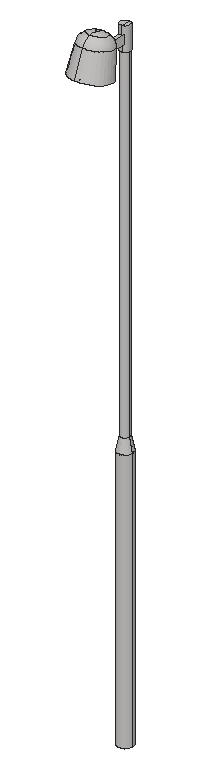
Revit family "Lighting_Outside_Zero_Convex_Pole-Fixture_Outside", category Lighting Fixtures, Revit 2020
Family settings
  Round Connector Dimension = Use Diameter
  Part Type = Normal
  OmniClass Number = 23.80.70.00
  OmniClass Title = Lighting
  Work Plane-Based = No
  Always vertical = Yes
  Cut with Voids When Loaded = No
  Light Source = Yes
  Shared = No
  Room Calculation Point = No
Parameters (values of type "Convex pole LED 1920/32W Comfort")
  Wattage = 12.9256 W
  WarrantyStartDate [instance] = "n/a"
  WarrantyGuarantorParts = "n/a"
  WarrantyGuarantorLabor = "n/a"
  WarrantyDurationUnit = "Year"
  WarrantyDurationParts = "n/a"
  WarrantyDurationLabor = "n/a"
  WarrantyDescription = "n/a"
  built-in parameter 1150110 = 1 (stored number, unit not read)
  VersionDate = "31/08/2023"  # constant formula
  Version = "3"  # constant formula
  UsageCurrent = 0 A
  Uniclass2015Reference = "Pr_70_70_48_32"
  Uniclass2015Description = "Free standing luminaires"
  Uniclass2 = "Pr_70_70_48_32"
  URL = "https://www.zerolighting.com/outdoor#/convexstolpe-utomku"
  TotalWattage = 32 W
  built-in parameter 1114217 = 1 (stored number, unit not read)
  Tilt Angle = 14.00°
  built-in parameter 1150109 = 1 (stored number, unit not read)
  built-in parameter 1150134 = (empty or 0)
  TagNumber [instance] = "n/a"
  SustainabilityPerformance = "n/a"
  built-in parameter 1150113 = 1 (stored number, unit not read)
  Size = "450x280x278 mm"
  Shape = "Cone"
  SerialNumber [instance] = "n/a"
  Revision = "5"  # constant formula
  ReplacementCost = "n/a"
  ProductInformation = "n/a"
  ProductDatasheet = "https://www.zerolighting.com/s/convex-pole-coastline.pdf"
  PoleHeight [instance] = 4500 mm
  Photometric Web File = "Convex82931.IES"
  PhaseReference = "n/a"
  PhaseAngle = 0.00°
  NumberOfSources = 0
  NumberOfPoles = 1
  NominalWidth = 280 mm
  NominalVoltageCalc = 0 V
  NominalVoltage = 230 V
  NominalRadius = 140 mm
  NominalLength = 505.927 mm
  NominalHeight = 309.257 mm
  NominalFrequencyRange = 50 Hz
  NominalDiameter = 280 mm
  NominalCurrent = 0 A
  Name = "Zero_Convex_Pole-Fixture_Outside"
  NBSReference = "90-60-50/405"
  NBSDescription = "General purpose luminaires"
  ModelReference = "n/a"
  ModelNumber = ArticleNumber  # "8295-1-83"
  Model = "Convex pole LED 1920/32W Comfort"
  Material = "Steel & glass"
  ManufacturersSpecificInformation = "n/a"
  ManufacturerURL = "https://www.zerolighting.com/"
  ManufacturerName = "Zero"
  Manufacturer = "Zero"
  MaintenanceFactor = 0
  Lumens = 1920 lm
  built-in parameter 1150115 = 1 (stored number, unit not read)
  built-in parameter 1150105 = 1175.4 (stored number, unit not read)
  LightFixturePlacingType = "Floor"
  LightFixtureMountingType = "Surface"
  LightFixtureMainMaterial = Steel, Galvanized
  built-in parameter 1150137 = (empty or 0)
  built-in parameter 1150139 = (empty or 0)
  LensMaterial = Tempered glass
  built-in parameter 1150112 = 1 (stored number, unit not read)
  built-in parameter 1150114 = 1 (stored number, unit not read)
  InsulationStandardClass = "n/a"
  InstallationDate [instance] = "n/a"
  built-in parameter 1150132 = 2
  built-in parameter 1150102 = (empty or 0)
  built-in parameter 1150138 = (empty or 0)
  built-in parameter 1150107 = 3000 (stored number, unit not read)
  built-in parameter 1150106 = 11.754 (stored number, unit not read)
  IfcExportType = "NOTDEFINED"  # constant formula
  IfcExportAs = "IfcLightFixtureType"  # constant formula
  IP_Code = "IP44"
  IK Classification = "08"
  HasProtectiveEarth = no
  Grade = "n/a"
  Finish = "Galvanized metal. Tempered glass. Symmetrical light beam."
  Features = "Cable with quick connection inside the pole"
  ExpectedLife = "n/a"
  ElectricalDeviceNominalPower = 0
  built-in parameter 1150104 = 13.8 (stored number, unit not read)
  DurationUnit = "Year"
  Dimming Lamp Color Temperature Shift = <None>
  Dimming = "n/a"
  Designer = "Jens Fager"
  Description = ""
  DefaultElevation = 0 mm
  Default Elevation = 0 mm
  Constituents = "n/a"
  ColourIndexRA = ">80"
  Color Filter = 16777215
  Color = "Grey"
  Collection = "Convex"
  CodePerformance = "n/a"
  Category = "Pole Fixture"
  Brand = "Zero"
  Barcode [instance] = "n/a"
  built-in parameter 1114218 = 1 (stored number, unit not read)
  BIMObjectName = "Lighting_Outside_Zero_Convex_Pole-Fixture_Outside"
  Author = "BIMStone"  # constant formula
  built-in parameter 1150133 = 10 (stored number, unit not read)
  AssetType = "Fixed"
  AssetIdentifier [instance] = "n/a"
  ArticleNumber = "8295-1-83"
  AccessibilityPerformance = "n/a"
Types (7, lengths in mm): name | Wattage | Photometric Web File | ModelNumber | Model | Lumens | built-in parameter 1150105 | built-in parameter 1150106 | Finish | Dimming | ArticleNumber
  (no name) | 12.9256 W | "Convex82931.IES" | "8295-1-83" | "Convex pole LED 1920/32W Comfort" | 1920 lm | 1175.4 (stored number, unit not read) | 11.754 (stored number, unit not read) | "Galvanized metal. Tempered glass. Symmetrical light beam." | "n/a" | "8295-1-83"
  Convex pole LED 1940/32W Asymmetrical Dimmable DALI | 13.0603 W | "Convex82941.IES" | "8294-1-83HFF" | "Convex pole LED 1940/32W Asymmetrical Dimmable DALI" | 1940 lm | 756.36 (stored number, unit not read) | 7.5636 (stored number, unit not read) | "Galvanized metal. Tempered glass. Asymmetrical light beam." | "Dimmable DALI" | "8294-1-83HFF"
  Convex pole LED 1940/32W Asymmetrical | 13.0603 W | "Convex82941.IES" | "8294-1-83" | "Convex pole LED 1940/32W Asymmetrical" | 1940 lm | 756.36 (stored number, unit not read) | 7.5636 (stored number, unit not read) | "Galvanized metal. Tempered glass. Asymmetrical light beam." | "n/a" | "8294-1-83"
  Convex pole LED 1940/32W Asymmetrical Night-time dimming | 13.0603 W | "Convex82941.IES" | "8294-1-83N" | "Convex pole LED 1940/32W Asymmetrical Night-time dimming" | 1940 lm | 756.36 (stored number, unit not read) | 7.5636 (stored number, unit not read) | "Galvanized metal. Tempered glass. Asymmetrical light beam." | "Night-time dimming" | "8294-1-83N"
  Convex pole LED 1920/32W Comfort | 12.9256 W | "Convex82931.IES" | "8295-1-83" | "Convex pole LED 1920/32W Comfort" | 1920 lm | 1175.4 (stored number, unit not read) | 11.754 (stored number, unit not read) | "Galvanized metal. Tempered glass. Symmetrical light beam." | "n/a" | "8295-1-83"
  Convex pole LED 1920/32W Comfort Dimmable DALI | 12.9256 W | "Convex82931.IES" | "8295-1-83HFF" | "Convex pole LED 1920/32W Comfort Dimmable DALI" | 1920 lm | 1175.4 (stored number, unit not read) | 11.754 (stored number, unit not read) | "Galvanized metal. Tempered glass. Symmetrical light beam." | "Dimmable DALI" | "8295-1-83HFF"
  Convex pole LED 1920/32W Comfort Night-time dimming | 12.9256 W | "Convex82931.IES" | "8295-1-83N" | "Convex pole LED 1920/32W Comfort Night-time dimming" | 1920 lm | 1175.4 (stored number, unit not read) | 11.754 (stored number, unit not read) | "Galvanized metal. Tempered glass. Symmetrical light beam." | "Night-time dimming" | "8295-1-83N"
Reference planes
  plane 1 "Light Source Axis (F/B)": y = -191.306
  plane 2: z = 0
  plane 3 "Light Source Axis (L/R)": x = 0
  plane 4 "Light Source Elevation": z = 4465.125
  plane 5: z = 4500
  plane 6: z = 4732.287
  plane 7: y = -328.089
  plane 8: y = 177.838
  plane 9: x = -140
  plane 10: x = 140
  plane 11: z = 4423.03
Forms (mm)
  Extrusion 1, solid, material "Steel, Galvanized" <- "LightFixtureMainMaterial", detail levels coarse
    sketch origin (0, 0, 4465.125) x (0, -1, 0) y (1, 0, 0)
      loop
        line (-177.838, -140) -> (328.089, -140) -> (328.089, 140) -> (-177.838, 140) -> (-177.838, -140)
    from -4465.125 to 267.162
Dimensions and locks
  "PoleHeight": plane 5 to level
  locked: plane 6 to plane 5 at 232.287
  locked: plane 5 to plane 4 "Light Source Elevation" at 34.875
  "NominalWidth": plane 9 to plane 10
  "NominalLength": plane 7 to plane 8
  "NominalHeight": plane 6 to plane 11
  aligned and locked: level to plane 2
  aligned and locked: Extrusion 1 to level
  aligned and locked: nested 1 to plane 6
  aligned and locked: plane 9 to nested 1
  aligned and locked: imposter light to plane 1 "Light Source Axis (F/B)"
  aligned and locked: plane 6 to Extrusion 1
  aligned and locked: plane 5 to nested 1
  aligned and locked: imposter light to plane 4 "Light Source Elevation"
Automatic sketch dimensions
  Extrusion 1 sketch curve to plane 10 = 0 mm
  Extrusion 1 sketch curve to plane 9 = 0 mm
  plane 7 to Extrusion 1 sketch curve = 0 mm
  Extrusion 1 sketch curve to plane 8 = 0 mm
Nested families
  nested 1: "Convex-pole" at (0, 123.838, 4423.03), MainMaterial <- "LightFixtureMainMaterial", Lens <- "LensMaterial", type "Convex-pole"
    with MainMaterial Steel, Galvanized, Lens Tempered glass
  nested 2: "Pole" at (0, 123.838, 0), PoleHeight <- "PoleHeight", MainMaterial <- "LightFixtureMainMaterial", type "Pole"
    with PoleHeightControl 2500 mm, PoleHeight 4500 mm, MainMaterial Steel, Galvanized
Connectors
  electrical at (0, 123.838, 0), driven by "NominalVoltage"
    settings: on nested 2, index 1, voltage 230 V, apparent load 0 VA, apparent load phase1 0 VA, apparent load phase2 0 VA, apparent load phase3 0 VA, power factor 1, load classification "Other", number of poles 1, system type 31, power factor state 1, is connector primary yes, connector utility no, sub classification motor no, connector description ""
Definition of nested family "Convex-pole"
  Parameters (values of type "Convex-pole")
    Lens [instance] = none
    MainMaterial [instance] = none
    Default Elevation = 0 mm
  Reference planes
    plane 1 "Center (Front/Back)": y = 0
    plane 2: z = 0
    plane 3 "Center (Left/Right)": x = 0
    plane 4: z = 309.257
    plane 5: z = 42.095
    plane 6: y = -313.091
  Forms (mm)
    Revolve 1, solid, material <- "MainMaterial", detail levels medium+fine
      sketch origin (0, -465.104, 11.332) x (0, 0.990268, -0.139173) y (0, 0.139173, 0.990268)
        loop
          line (282.596, 28.765) -> (284.6, 28.555) -> (281.197, 223.525)
          arc (281.197, 223.525) -> (270.163, 265.296) -> (241.038, 297.205) r 90.585
          arc (241.038, 297.205) -> (216.725, 310.158) -> (190.312, 317.985) r 137.015
          line (190.312, 317.985) -> (174.4, 319.656) -> (174.191, 317.667) -> (190.021, 316.005)
          arc (190.021, 316.005) -> (216.005, 308.292) -> (239.925, 295.544) r 135.015
          arc (239.925, 295.544) -> (268.407, 264.339) -> (279.197, 223.49) r 88.585
          line (279.197, 223.49) -> (280.451, 151.662) -> (274.01, 152.338) -> (273.801, 150.349) -> (280.486, 149.647) -> (282.279, 46.898) -> (275.515, 47.608) -> (275.306, 45.619) -> (282.314, 44.883) -> (282.596, 28.765)
        axis (145.365, 43.177) -> (174.4, 319.656)
      angle from 0 to 360
    Revolve 2, solid, material <- "Lens", detail levels medium+fine
      sketch origin (0, -273.927, 83.085) x (0, 0, 1) y (0, -1, 0)
        loop
          line (-40.99, 39.163) -> (-37.099, 38.194) -> (-4.814, 167.731) -> (-8.705, 168.701) -> (-40.99, 39.163)
        axis (-37.099, 38.194) -> (-40.99, 39.163)
      angle from 0 to 360
    Revolve 3, solid, material <- "MainMaterial", detail levels medium+fine
      sketch origin (0, 0, 0) x (0, 1, 0) y (0, 0, 1)
        loop
          line (35, 76.97) -> (35, 243.97) -> (0, 243.97) -> (0, 76.97) -> (35, 76.97)
        axis (0, 76.97) -> (0, 243.97)
      angle from 0 to 360
    Extrusion 4, solid, material <- "MainMaterial", detail levels medium+fine
      sketch origin (0, 0, 0) x (1, 0, 0) y (0, 1, 0)
        loop
          line (-15, -17.892) -> (-15, -164.892) -> (15, -164.892) -> (15, -17.892) -> (-15, -17.892)
      from 126.959 to 186.959
    Revolve 5, void
      sketch origin (0, 0, 0) x (0, 1, 0) y (0, 0, 1)
        loop
          line (-157.52, 193.79) -> (-177.371, 196.228) -> (-186.126, 124.923) -> (-166.275, 122.486) -> (-157.52, 193.79)
        axis (-286.229, 149.872) -> (-268.396, 221.424)
      angle from 0 to 360
  Cuts and joins
    Revolve 5 cuts Extrusion 4
    joined: Revolve 1, Revolve 3, Extrusion 4
  Lines and regions (mm)
    symbolic lines, detail levels medium+fine
      curve 1: line (0, -179.3, 0) -> (0, -450.988, 67.714)
      curve 2: line (0, -179.3, 0) -> (0, -163.711, 126.959)
      curve 3: line (0, -163.711, 126.959) -> (0, -35, 126.959)
      curve 4: line (0, 35, 243.97) -> (0, -35, 243.97)
      curve 5: line (0, 35, 243.97) -> (0, 35, 76.97)
      curve 6: line (0, -35, 76.97) -> (0, -35, 126.959)
      curve 7: line (0, -35, 243.97) -> (0, -35, 186.959)
      curve 8: line (0, -35, 186.959) -> (0, -156.344, 186.959)
      curve 9: arc (0, -155.535, 193.546) -> (0, -160.648, 236.446) -> (0, -185.049, 272.099) r 90.585
      curve 10: line (0, -156.344, 186.959) -> (0, -155.535, 193.546)
      curve 11: arc (0, -185.049, 272.099) -> (0, -207.322, 288.309) -> (0, -232.389, 299.736) r 137.015
      curve 15: line (0, -232.389, 299.736) -> (0, -263.439, 307.475)
      curve 16: arc (0, -263.439, 307.475) -> (0, -290.936, 309.148) -> (0, -318.212, 305.287) r 137.015
      curve 17: arc (0, -318.212, 305.287) -> (0, -356.491, 285.257) -> (0, -381.139, 249.775) r 90.585
      curve 18: line (0, -381.139, 249.775) -> (0, -450.988, 67.714)
      curve 21: line (-116.253, 0, 221.661) -> (-140, 0, 33.857)
      curve 22: spline (-68.619, 0, 288.693) -> (-74.906, 0, 285.154) -> (-80.88, 0, 281.137) -> (-86.504, 0, 276.668) -> (-91.74, 0, 271.776) -> (-96.554, 0, 266.493) -> (-100.917, 0, 260.851) -> (-104.8, 0, 254.889) -> (-108.178, 0, 248.644) -> (-111.028, 0, 242.156) -> (-113.333, 0, 235.467) -> (-115.079, 0, 228.621) -> (-116.253, 0, 221.661)
      curve 23: spline (-16, 0, 303.605) -> (-20.576, 0, 303.162) -> (-25.134, 0, 302.569) -> (-29.669, 0, 301.829) -> (-34.176, 0, 300.941) -> (-38.65, 0, 299.907) -> (-43.086, 0, 298.728) -> (-47.478, 0, 297.406) -> (-51.822, 0, 295.941) -> (-56.113, 0, 294.335) -> (-60.346, 0, 292.59) -> (-64.516, 0, 290.709) -> (-68.619, 0, 288.693)
      curve 24: line (0, 0, 303.605) -> (-16, 0, 303.605)
      curve 25: line (116.253, 0, 221.661) -> (140, 0, 33.857)
      curve 26: spline (68.619, 0, 288.693) -> (74.906, 0, 285.154) -> (80.88, 0, 281.137) -> (86.504, 0, 276.668) -> (91.74, 0, 271.776) -> (96.554, 0, 266.493) -> (100.917, 0, 260.851) -> (104.8, 0, 254.889) -> (108.178, 0, 248.644) -> (111.028, 0, 242.156) -> (113.333, 0, 235.467) -> (115.079, 0, 228.621) -> (116.253, 0, 221.661)
      curve 27: spline (16, 0, 303.605) -> (20.576, 0, 303.162) -> (25.134, 0, 302.569) -> (29.669, 0, 301.829) -> (34.176, 0, 300.941) -> (38.65, 0, 299.907) -> (43.086, 0, 298.728) -> (47.478, 0, 297.406) -> (51.822, 0, 295.941) -> (56.113, 0, 294.335) -> (60.346, 0, 292.59) -> (64.516, 0, 290.709) -> (68.619, 0, 288.693)
      curve 28: line (0, 0, 303.605) -> (16, 0, 303.605)
      curve 29: spline (-30, 0, 0.786) -> (-45.215, 0, 1.814) -> (-59.855, 0, 3.25) -> (-73.733, 0, 5.076) -> (-86.671, 0, 7.268) -> (-98.506, 0, 9.799) -> (-109.087, 0, 12.636) -> (-118.279, 0, 15.743) -> (-125.964, 0, 19.081) -> (-132.046, 0, 22.607) -> (-136.446, 0, 26.277) -> (-139.109, 0, 30.043) -> (-140, 0, 33.857)
      curve 32: line (-121.935, -248.397, 0) -> (-100.913, -212.239, 0)
      curve 33: arc (-100.913, -212.239, 0) -> (-64.607, -173.859, 0) -> (-15, -155.686, 0) r 115.376
      curve 34: spline (-121.935, -248.397, 0) -> (-131.989, -269.85, 0) -> (-138.07, -292.667, 0) -> (-139.996, -316.159, 0) -> (-137.709, -339.621, 0) -> (-131.276, -362.347, 0) -> (-120.893, -383.652, 0) -> (-106.872, -402.894, 0) -> (-89.634, -419.496, 0) -> (-69.698, -432.958, 0) -> (-47.664, -442.873, 0) -> (-24.196, -448.944, 0) -> (0, -450.988, 0)
      curve 39: line (121.935, -248.397, 0) -> (100.913, -212.239, 0)
      curve 40: arc (100.913, -212.239, 0) -> (64.607, -173.859, 0) -> (15, -155.686, 0) r 115.376
      curve 41: spline (121.935, -248.397, 0) -> (131.989, -269.85, 0) -> (138.07, -292.667, 0) -> (139.996, -316.159, 0) -> (137.709, -339.621, 0) -> (131.276, -362.347, 0) -> (120.893, -383.652, 0) -> (106.872, -402.894, 0) -> (89.634, -419.496, 0) -> (69.698, -432.958, 0) -> (47.664, -442.873, 0) -> (24.196, -448.944, 0) -> (0, -450.988, 0)
      curve 45: spline (30, 0, 0.786) -> (45.215, 0, 1.814) -> (59.855, 0, 3.25) -> (73.733, 0, 5.076) -> (86.671, 0, 7.268) -> (98.506, 0, 9.799) -> (109.087, 0, 12.636) -> (118.279, 0, 15.743) -> (125.964, 0, 19.081) -> (132.046, 0, 22.607) -> (136.446, 0, 26.277) -> (139.109, 0, 30.043) -> (140, 0, 33.857)
      curve 47: line (0, 30.2, 76.97) -> (0, 35, 76.97)
      curve 49: line (0, -30.2, 76.97) -> (0, -35, 76.97)
      curve 50: line (-30, 0, 0.786) -> (-30, 0, -0.214)
      curve 51: line (30, 0, 0.786) -> (30, 0, -0.214)
      curve 52: line (-15, -51.875, 0) -> (-15, -155.686, 0)
      curve 53: line (15, -51.875, 0) -> (15, -155.686, 0)
      curve 54: arc (15, -51.875, 0) -> (0, 54, 0) -> (-15, -51.875, 0) r 54
    symbolic lines, detail levels fine
      curve 12: line (0, -35, 186.959) -> (0, -17.892, 186.959)
      curve 13: line (0, -17.892, 186.959) -> (0, -17.892, 126.959)
      curve 14: line (0, -17.892, 126.959) -> (0, -35, 126.959)
      curve 19: line (0, -156.344, 186.959) -> (0, -163.711, 126.959)
      curve 20: spline (0, 0, 0) -> (-2.519, 0, 0.005) -> (-5.038, 0, 0.022) -> (-7.555, 0, 0.049) -> (-10.069, 0, 0.088) -> (-12.581, 0, 0.137) -> (-15.088, 0, 0.197) -> (-17.59, 0, 0.268) -> (-20.087, 0, 0.35) -> (-22.577, 0, 0.443) -> (-25.06, 0, 0.547) -> (-27.534, 0, 0.661) -> (-30, 0, 0.786)
      curve 30: arc (0, 35, 0) -> (-34.145, 7.688, 0) -> (-15, -31.623, 0) r 35
      curve 31: line (-15, -31.623, 0) -> (-15, -51.875, 0)
      curve 35: arc (-15, -155.686, 0) -> (-7.513, -155.029, 0) -> (0, -154.86, 0) r 115.376
      curve 36: arc (-15, -31.623, 0) -> (-7.688, -34.145, 0) -> (0, -35, 0) r 35
      curve 37: arc (0, 35, 0) -> (34.145, 7.688, 0) -> (15, -31.623, 0) r 35
      curve 38: line (15, -31.623, 0) -> (15, -51.875, 0)
      curve 42: arc (15, -155.686, 0) -> (7.513, -155.029, 0) -> (0, -154.86, 0) r 115.376
      curve 43: arc (15, -31.623, 0) -> (7.688, -34.145, 0) -> (0, -35, 0) r 35
      curve 44: spline (0, 0, 0) -> (2.519, 0, 0.005) -> (5.038, 0, 0.022) -> (7.555, 0, 0.049) -> (10.069, 0, 0.088) -> (12.581, 0, 0.137) -> (15.088, 0, 0.197) -> (17.59, 0, 0.268) -> (20.087, 0, 0.35) -> (22.577, 0, 0.443) -> (25.06, 0, 0.547) -> (27.534, 0, 0.661) -> (30, 0, 0.786)
      curve 46: line (0, 0, 76.97) -> (0, 30.2, 76.97)
      curve 48: line (0, 0, 76.97) -> (0, -30.2, 76.97)
  Dimensions and locks
    aligned and locked: level to plane 2
Definition of nested family "Pole"
  Parameters (values of type "Pole")
    PoleHeightControl [instance] = PoleHeight - 2000 mm  # 1000 mm
    PoleHeight [instance] = 3000 mm
    MainMaterial [instance] = none
    Default Elevation = 0 mm
  Reference planes
    plane 1 "Center (Front/Back)": y = 0
    plane 2: z = 0
    plane 3 "Center (Left/Right)": x = 0
    plane 4: z = 2000
    plane 5: z = 3000
    plane 6: z = 2923
  Forms (mm)
    Extrusion 1, solid, material <- "MainMaterial", detail levels medium+fine
      sketch origin (0, -438.75, 0) x (1, 0, 0) y (0, 1, 0)
        loop
          circle (0, 438.75) r 54
      from 0 to 2000
    Extrusion 2, solid, material <- "MainMaterial", detail levels medium+fine
      sketch origin (0, -438.75, 0) x (1, 0, 0) y (0, 1, 0)
        loop
          circle (0, 438.75) r 30
      from 2000 to 3000
    Sweep 3, void
      path in 3D
        loop
          arc (-54, 0, 2000) -> (0, 54, 2000) -> (54, 0, 2000) r 54
          arc (54, 0, 2000) -> (0, -54, 2000) -> (-54, 0, 2000) r 54
      profile origin (0, -54, 2000) x (0, -1, 0) y (0, 0, 1)
        loop
          line (0, 0) -> (-24, 0) -> (0, -100) -> (0, 0)
  Cuts and joins
    Sweep 3 cuts Extrusion 1
    joined: Extrusion 1, Extrusion 2
  Lines and regions (mm)
    symbolic lines, detail levels medium+fine
      curve 1: line (0, 54, 0) -> (0, -54, 0)
      curve 2: line (0, -54, 0) -> (0, -54, 1900)
      curve 3: line (0, 54, 0) -> (0, 54, 1900)
      curve 5: line (0, 30, 2000) -> (0, 30, 3000)
      curve 6: line (0, -30, 2000) -> (0, -30, 3000)
      curve 8: line (-54, 0, 0) -> (54, 0, 0)
      curve 9: line (54, 0, 0) -> (54, 0, 1900)
      curve 10: line (-54, 0, 0) -> (-54, 0, 1900)
      curve 12: line (-30, 0, 2000) -> (-30, 0, 2923)
      curve 13: line (30, 0, 2000) -> (30, 0, 2923)
      curve 16: line (0, 54, 1900) -> (0, 30, 2000)
      curve 17: line (0, -54, 1900) -> (0, -30, 2000)
      curve 18: line (-54, 0, 1900) -> (-30, 0, 2000)
      curve 19: line (54, 0, 1900) -> (30, 0, 2000)
    symbolic lines, detail levels fine
      curve 4: line (0, 30, 2000) -> (0, -30, 2000)
      curve 7: line (0, 30, 3000) -> (0, -30, 3000)
      curve 11: line (30, 0, 2000) -> (-30, 0, 2000)
      curve 20: line (-54, 0, 1900) -> (54, 0, 1900)
      curve 21: line (0, 54, 1900) -> (0, -54, 1900)
    sketch lines
      curve 14: arc (54, 0, 2000) -> (0, -54, 2000) -> (-54, 0, 2000) r 54
      curve 15: arc (-54, 0, 2000) -> (0, 54, 2000) -> (54, 0, 2000) r 54
  Dimensions and locks
    plane 4 to plane 2 = 2000 mm
    "PoleHeightControl": plane 5 to plane 4
    locked: plane 5 to plane 6 at 77
    aligned and locked: level to plane 2
    aligned and locked: curve 11 to Extrusion 2
    aligned and locked: Extrusion 2 to plane 5
  Automatic sketch dimensions
    plane 1 "Center (Front/Back)" to Extrusion 1 sketch curve = 0 mm
    Extrusion 1 sketch curve to plane 3 "Center (Left/Right)" = 0 mm
    plane 1 "Center (Front/Back)" to Extrusion 2 sketch curve = 0 mm
    Extrusion 2 sketch curve to plane 3 "Center (Left/Right)" = 0 mm
    Sweep 3 sketch curve to profile plane = 0 mm  (x2)
    Sweep 3 sketch curve to Sweep 3 sketch curve = 24 mm
    Sweep 3 sketch curve to profile plane = 100 mm
    curve 10 to level = 0 mm
    curve 12 to plane 6 = 0 mm
    curve 13 to plane 6 = 0 mm
    curve 10 to plane 3 "Center (Left/Right)" = 54 mm
    curve 18 to plane 3 "Center (Left/Right)" = 30 mm
    plane 3 "Center (Left/Right)" to curve 13 = 30 mm
    plane 3 "Center (Left/Right)" to curve 19 = 54 mm
    plane 4 to curve 10 = 100 mm
    curve 1 to level = 0 mm
    plane 4 to curve 17 = 0 mm
    plane 5 to curve 7 = 0 mm
    plane 1 "Center (Front/Back)" to curve 1 = 54 mm
    plane 1 "Center (Front/Back)" to curve 17 = 30 mm
    curve 5 to plane 1 "Center (Front/Back)" = 30 mm
    curve 3 to plane 1 "Center (Front/Back)" = 54 mm
    plane 4 to curve 2 = 100 mm
    radius of Extrusion 1 sketch curve = 54 mm
    radius of Extrusion 2 sketch curve = 30 mm
